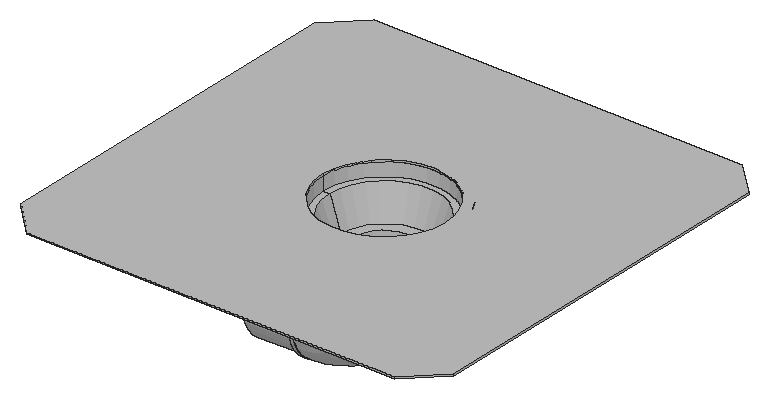
Revit family "482063001(1)", category Generic Models, host Floor, Revit 2019
Family settings
  Host = Floor
  Can host rebar = No
  Always vertical = Yes
  Cut with Voids When Loaded = No
  Shared = Yes
  Room Calculation Point = No
Parameters (values of type "482063001")
  SUPPLIER = "KOERO"
  NT = "Balcony transit and drain wastes"
  NN = "PLUVETTA®MET LODEN SLAB"
  NBSYN = "$CNSORDERNO.($LODLEVEL.)"
  NB = "482063001(1)"
  Model = "482063001"
  Manufacturer = "KOERO"
  MIdent = "{$CADENAS_DATA/23d-libs/koero/pluvetta/pluvetta_met_loden_slab.prj},194 {VTYP=3D},{NB=482063001(1)},{LINA=482063001},{NN=PLUVETTA®MET LODEN SLAB},{DATE=23.04.2020 08:29:08},{GEOMDATE=22.04.2020 12:13:00},{VERSION=},{LINEID=70},{WBVAR=LODLEVEL},{WBNUMERIC=LODLEVEL}  {NB=482063001(1)},{LINA=482063001},{KT=DUMMY},{CNSORDERNO=482063001},{LODLEVEL=1},{BEZ=Zonder rooster, met loodslap 33 x 33cm, 18 ponds (=ca. 1,6 mm dik), Met 90° bocht met spie 70 mm, Stortkoker Ø 90 mm},{D=108},{D1=94},{D2=70},{H=86},{H1=55},{INFO=PDF Catalog},{HTML=Product page},{INFOPAGE=pluvetta_90},{INFOPATH=pluvetta_90_nl.pdf},{HTML1=https://debeer-sanitair.nl/maattekeningen/pluvetta/},{S=60.0},{VER=2},{X=3},{H2=10}"
  LODLEVEL = "300"
  LINA = "482063001"
  INFO = "PDF Catalog"
  HTML = "Product page"
  H1 = 55 mm
  H = 86 mm
  Description = "Balcony transit and drain wastes"
  D2 = 70 mm
  D1 = 94 mm
  D = 108 mm
  CREATOR = "CADENAS GmbH"
  CNSORDERNO = "482063001"
  CATALOG = "König & Ronneberger"
  BOMINFO = "LINA"
  BEZ = "Zonder rooster, met loodslap 33 x 33cm, 18 ponds (=ca. 1,6 mm dik), Met 90° bocht met spie 70 mm, Stortkoker Ø 90 mm"
  ARTICLENO = "NB"
Reference planes
  plane 1 "Center (Front/Back)": y = 0
  plane 2: z = 0
  plane 3 "Center (Left/Right)": x = 0
Forms (mm)
  Extrusion 1, void
    sketch origin (-81.489, 0, -85.924) x (0.017452, 0, -0.999848) y (0, 1, 0)
      loop
        line (-0.5, -0.5) -> (0.5, -0.5) -> (0.5, 0.5) -> (-0.5, 0.5) -> (-0.5, -0.5)
    from 0 to 1
Dimensions and locks
  aligned and locked: level to plane 2
Nested families
  nested 1: "482063001(1)_content" at (0, 0, 0), type "482063001(1)_Content"
Connectors
  hvac at (0, 0, 0)
    settings: on host floor, index 1, duct flow 0.0 L/s, flow factor 0, pres drop 0.0 Pa, loss coef 0, conn angle 0.00°, conn width 304.8 mm, conn height 304.8 mm, conn diameter 94 mm, duct sys type 29, conn prof type 0, flow config 0, flow direction 1, loss method 0, conn ref index -1, conn util no, is conn primary yes, conn desc ""
  hvac at (-81.489, 0, -85.924)
    settings: on Extrusion 1, index 2, duct flow 0.0 L/s, flow factor 0, pres drop 0.0 Pa, loss coef 0, conn angle 0.00°, conn width 304.8 mm, conn height 304.8 mm, conn diameter 70 mm, duct sys type 29, conn prof type 0, flow config 0, flow direction 2, loss method 0, conn ref index -1, conn util no, is conn primary no, conn desc ""
Definition of nested family "482063001(1)_content"
  Parameters (values of type "482063001(1)_Content")
    SUPPLIER = "KOERO"
    NT = "Balcony transit and drain wastes"
    NN = "PLUVETTA®MET LODEN SLAB"
    NBSYN = "$CNSORDERNO.($LODLEVEL.)"
    NB = "482063001(1)"
    Model = "482063001"
    Manufacturer = "KOERO"
    LODLEVEL = "300"
    LINA = "482063001"
    INFO = "PDF Catalog"
    HTML = "Product page"
    H1 = 55 mm
    H = 86 mm
    Description = "Balcony transit and drain wastes"
    Default Elevation = 1219.2 mm
    D2 = 70 mm
    D1 = 94 mm
    D = 108 mm
    CREATOR = "CADENAS GmbH"
    CNSORDERNO = "482063001"
    CATALOG = "König & Ronneberger"
    BOMINFO = "LINA"
    BEZ = "Zonder rooster, met loodslap 33 x 33cm, 18 ponds (=ca. 1,6 mm dik), Met 90° bocht met spie 70 mm, Stortkoker Ø 90 mm"
    ARTICLENO = "NB"
  Reference planes
    plane 1 "Center (Front/Back)": y = 0
    plane 2: z = 0
    plane 3 "Center (Left/Right)": x = 0
  Forms (mm)
    Revolve 1, solid, detail levels medium+fine
      sketch origin (0, 0, 0) x (-1, 0, 0) y (0, 0, -1)
        loop
          line (-54, 6) -> (-54, 0) -> (-47, 0) -> (-46.5, 10) -> (-41.5, 10) -> (-33.35, 34.45) -> (-25, 34.45) -> (-23.642, 55) -> (-26.642, 55) -> (-27.633, 40) -> (-39, 40) -> (-43, 37) -> (-42.5, 30) -> (-44, 30) -> (-44, 28) -> (-41, 25) -> (-44, 16) -> (-53, 15) -> (-53, 13) -> (-50, 10) -> (-50, 6) -> (-54, 6)
        axis (0, 55) -> (0, 0)
      angle from -360 to 0
    Extrusion 2, solid, detail levels medium+fine
      sketch origin (0, 0, 0) x (-1, 0, 0) y (0, -1, 0)
        loop
          line (-165, -140.251) -> (-140.251, -165) -> (140.251, -165) -> (165, -140.251) -> (165, 140.251) -> (140.251, 165) -> (-140.251, 165) -> (-165, 140.251) -> (-165, -140.251)
        loop
          circle (0, 0) r 47
      from 0 to 5
    Revolve 3, solid, detail levels medium+fine
      sketch origin (0, 0, 0) x (-1, 0, 0) y (0, 0, -1)
        loop
          line (33.25, 42) -> (33.25, 40) -> (37, 40) -> (37, 42) -> (33.25, 42)
        axis (0, 40) -> (0, 42)
      angle from -360 to 0
    Revolve 4, solid, detail levels medium+fine
      sketch origin (0, 0, -42) x (-1, 0, 0) y (0, -1, 0)
        loop
          circle (0, 0) r 35.25
        loop
          circle (0, 0) r 33.25
        axis (43.25, 0) -> (43.25, -1)
      angle from 0 to 89
    Revolve 5, solid, detail levels medium+fine
      sketch origin (0, 0, 0) x (-1, 0, 0) y (0, 0, -1)
        loop
          line (43.045, 53.748) -> (43.11, 49.999) -> (46.11, 50.051) -> (46.079, 51.801) -> (82.074, 52.429) -> (82.039, 54.429) -> (43.045, 53.748)
        axis (42.495, 85.243) -> (81.489, 85.924)
      angle from 0 to 360
    Extrusion 6, void, detail levels medium+fine
      sketch origin (0, 0, 0) x (-1, 0, 0) y (0, 0, -1)
        loop
          line (-170, -11.3) -> (170, -11.3) -> (170, -1.3) -> (-170, -1.3) -> (-170, -11.3)
      from -170 to 170
    Extrusion 7, solid, detail levels coarse
      sketch origin (0, 0, -120.54) x (1, 0, 0) y (0, 1, 0)
        loop
          line (-165, -165) -> (165, -165) -> (165, 165) -> (-165, 165) -> (-165, -165)
      from 0 to 121.84
  Cuts and joins
    Extrusion 6 cuts Revolve 1
    Extrusion 6 cuts Extrusion 2
    Extrusion 6 cuts Revolve 3
    Extrusion 6 cuts Revolve 4
    Extrusion 6 cuts Revolve 5
  Dimensions and locks
    aligned and locked: level to plane 2
